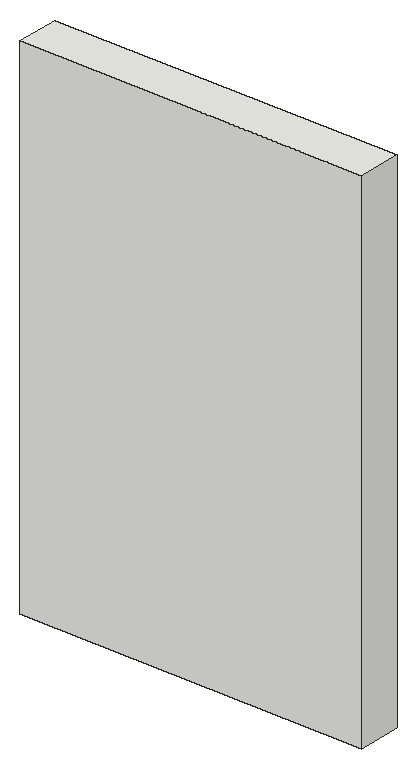
Revit family
Parameters (values of type "Power Meter")
  Height = 600 mm
  Mounting Height = 1200 mm
  Width = 400 mm
  Glass Offset = 50 mm
  Glass Depth = 125 mm
  Depth = 150 mm
Reference planes
  plane 1: y = -100
  plane 2 "Center": x = 30
  plane 3: z = 1800
  plane 4: z = 1200
  plane 5: x = -370
  plane 6: z = 1750
  plane 7: z = 1625
  plane 8: x = -20
  plane 9: x = -320
  plane 10: x = -170
  plane 11: y = 25
Forms (mm)
  Extrusion 1, solid
    sketch origin (-4634.607, -25, 0) x (-1, 0, 0) y (0, 0, 1)
      loop
        line (-4664.607, 1200) -> (-4264.607, 1200) -> (-4264.607, 1800) -> (-4664.607, 1800) -> (-4664.607, 1200)
    from 0 to 50
  Extrusion 2, solid, material "Glass"
    sketch origin (-4634.607, -25, 0) x (-1, 0, 0) y (0, 0, 1)
      loop
        line (-4589.607, 1625) -> (-4339.607, 1625)
        arc (-4339.607, 1625) -> (-4321.93, 1632.322) -> (-4314.607, 1650) r 25
        line (-4314.607, 1650) -> (-4314.607, 1725)
        arc (-4314.607, 1725) -> (-4321.93, 1742.678) -> (-4339.607, 1750) r 25
        line (-4339.607, 1750) -> (-4589.607, 1750)
        arc (-4589.607, 1750) -> (-4607.285, 1742.678) -> (-4614.607, 1725) r 25
        line (-4614.607, 1725) -> (-4614.607, 1650)
        arc (-4614.607, 1650) -> (-4607.285, 1632.322) -> (-4589.607, 1625) r 25
    from 8.3 to 53.765
Text (mm)
  text "Front" at (-762.381, 398.769, 0), in view "Ref. Level"
  text "Front" at (0, 583.098, 2510.999), in view "Left"
  text "Placement side" at (0, 729.307, 3142.909), in view "Right"
Dimensions and locks
  "Height": plane 4 to plane 3
  "Width": plane 2 "Center" to plane 5
  "Mounting Height": host wall to plane 4
  "Glass Offset": plane 2 "Center" to plane 8
  "Glass Offset": plane 5 to plane 9
  "Glass Offset": plane 6 to plane 3
  "Glass Depth": plane 7 to plane 6
  equal spacing: plane 5, plane 10, plane 2 "Center"
  locked: plane 11 to host wall at 50
  aligned and locked: plane 1 to host wall
  aligned and locked: plane 2 "Center" to Extrusion 1 sketch curve  (x2)
  aligned and locked: plane 4 to Extrusion 1 sketch curve
  aligned and locked: Extrusion 1 sketch curve to plane 5
  aligned and locked: plane 7 to Extrusion 2 sketch curve
  aligned and locked: plane 9 to Extrusion 2 sketch curve
  aligned and locked: nested 1 to plane 10
  aligned and locked: plane 11 to nested 1
Automatic sketch dimensions
  Extrusion 1 sketch curve to plane 3 = 0 mm
  Extrusion 2 sketch curve to plane 8 = 0 mm
  Extrusion 2 sketch curve to plane 6 = 0 mm
  plane 8 to Extrusion 2 sketch curve = 25 mm
  Extrusion 2 sketch curve to plane 7 = 25 mm
  Extrusion 2 sketch curve to Extrusion 2 sketch curve = 25 mm
  Extrusion 2 sketch curve to plane 9 = 25 mm
Nested families
  nested 1: "NZ_PowerMeterSymbol" at (-170, 25, 0), type "NZ_PowerMeterSymbol"
Definition of nested family "NZ_PowerMeterSymbol"
  Parameters
    Panel Type = ""
  Reference planes
    plane 1: y = 0
    plane 2: x = 0
  Lines and regions (mm)
    Masking region 1
      outline origin (0, 0, 0) x (1, 0, 0) y (0, 1, 0)
        loop
          line (-2.501, 0) -> (2.499, 0) -> (2.499, 2.548) -> (-2.501, 0)
    Filled region 1, type "IsoTriangle Solid Black"
      outline origin (0, 0.035, 0) x (1, 0, 0) y (0, 1, 0)
        loop
          line (-2.501, -0.035) -> (2.499, 2.513) -> (-2.501, 2.513) -> (-2.501, -0.035)
  Text (mm)
    label "METER" at (0.475, 5.174, 0), shows "Panel Type"
  Dimensions and locks
    aligned and locked: plane 1 to Masking region 1 sketch curve
    aligned and locked: Filled region 1 sketch curve to Masking region 1
